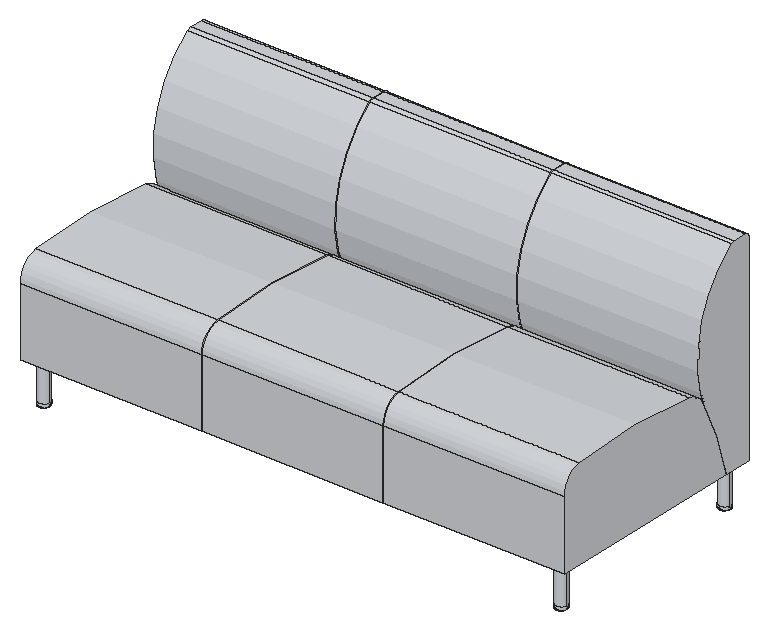
Revit family "Seat-LaZBoy-Assymble_Lounge_Seating-AS30N", category Furniture, Revit 2017
Family settings
  OmniClass Number = 23.40.20.00
  OmniClass Title = General Furniture and Specialties
  Work Plane-Based = No
  Always vertical = Yes
  Cut with Voids When Loaded = No
  Shared = No
  Room Calculation Point = No
Parameters (values of type "Sofa")
  Width = 72.75"  # constant formula
  URL = "https://www.la-z-boy.com/"
  Seat Material [instance] = none
  Product Documentation Link = "URL"
  Model = "AS30N"
  Manufacturer = "LaZBoy"
  Height = 32.75"  # constant formula
  Description = "Armless Sofa"
  Depth = 30.75"  # constant formula
  Copyright © = "Inc"
  Back Material [instance] = none
  Assembly Code = "E2020200"
Reference planes (in)
  plane 1 "Center (Front/Back)": y = 0
  plane 2: z = 0
  plane 3 "Center (Left/Right)": x = 0
  plane 4: y = -15.375
  plane 5: z = 32.75
  plane 6: y = 15.375
  plane 7: x = -36.375
  plane 8: x = 36.375
  plane 9: z = 5.39888
  plane 10: x = -12.125
  plane 11: x = 12.125
  plane 12 "glide 1": y = -13.65571
  plane 13 "glide 2": y = 13.65571
Forms (in)
  Extrusion 1, solid, material <- "Back Material"
    sketch origin (0, 0, 0) x (0, 1, 0) y (0, 0, 1)
      loop
        line (15.375, 5.39888) -> (15.375, 32.4)
        arc (15.375, 32.4) -> (15.27249, 32.64749) -> (15.025, 32.75) r 0.35
        line (15.025, 32.75) -> (13.18257, 32.75)
        arc (13.18257, 32.75) -> (12.88654, 32.70048) -> (12.62275, 32.55731) r 0.90955
        arc (12.62275, 32.55731) -> (7.27087, 24.12175) -> (8.46181, 14.20293) r 14.8761
        arc (8.46181, 14.20293) -> (10.29749, 9.8942) -> (11.61161, 5.39888) r 39.59734
        line (11.61161, 5.39888) -> (15.375, 5.39888)
    from -36.375 to -12.125
  Extrusion 2, solid, material <- "Seat Material"
    sketch origin (0, 0, 0) x (0, 1, 0) y (0, 0, 1)
      loop
        line (-15.375, 5.39888) -> (11.61161, 5.39888)
        arc (11.61161, 5.39888) -> (9.9596, 10.8034) -> (7.55503, 15.9177) r 39.59734
        arc (7.55503, 15.9177) -> (6.71811, 16.83642) -> (5.56221, 17.29288) r 2.75
        arc (5.56221, 17.29288) -> (-3.58084, 18.03171) -> (-12.7401, 17.53243) r 67.9538
        arc (-12.7401, 17.53243) -> (-14.6217, 16.54278) -> (-15.375, 14.55473) r 3
        line (-15.375, 14.55473) -> (-15.375, 5.39888)
    from -36.375 to -12.125
  Extrusion 3, solid
    sketch origin (0, 0, 0) x (1, 0, 0) y (0, 1, 0)
      loop
        circle (-34.58813, 13.65571) r 0.75
      loop
        circle (34.58813, 13.65571) r 0.75
      loop
        circle (-34.58813, -13.65571) r 0.75
      loop
        circle (34.58813, -13.65571) r 0.75
    from 0 to 5.39888
  Extrusion 4, solid, material <- "Seat Material"
    sketch origin (0, 0, 0) x (0, 1, 0) y (0, 0, -1)
      loop
        line (-15.375, -5.39888) -> (-15.375, -14.55473)
        arc (-15.375, -14.55473) -> (-14.6217, -16.54278) -> (-12.7401, -17.53243) r 3
        arc (-12.7401, -17.53243) -> (-3.58084, -18.03171) -> (5.56221, -17.29288) r 67.9538
        arc (5.56221, -17.29288) -> (6.71811, -16.83642) -> (7.55503, -15.9177) r 2.75
        arc (7.55503, -15.9177) -> (9.9596, -10.8034) -> (11.61161, -5.39888) r 39.59734
        line (11.61161, -5.39888) -> (-15.375, -5.39888)
    from -36.375 to -12.125
  Extrusion 5, solid, material <- "Back Material"
    sketch origin (0, 0, 0) x (0, 1, 0) y (0, 0, -1)
      loop
        line (15.375, -5.39888) -> (11.61161, -5.39888)
        arc (11.61161, -5.39888) -> (10.29749, -9.8942) -> (8.46181, -14.20293) r 39.59734
        arc (8.46181, -14.20293) -> (7.27087, -24.12175) -> (12.62275, -32.55731) r 14.8761
        arc (12.62275, -32.55731) -> (12.88654, -32.70048) -> (13.18257, -32.75) r 0.90955
        line (13.18257, -32.75) -> (15.025, -32.75)
        arc (15.025, -32.75) -> (15.27249, -32.64749) -> (15.375, -32.4) r 0.35
        line (15.375, -32.4) -> (15.375, -5.39888)
    from -36.375 to -12.125
  Extrusion 6, solid, material <- "Back Material"
    sketch origin (-24.25, 0, 0) x (0, 1, 0) y (0, 0, -1)
      loop
        line (15.375, -5.39888) -> (11.61161, -5.39888)
        arc (11.61161, -5.39888) -> (10.29749, -9.8942) -> (8.46181, -14.20293) r 39.59734
        arc (8.46181, -14.20293) -> (7.27087, -24.12175) -> (12.62275, -32.55731) r 14.8761
        arc (12.62275, -32.55731) -> (12.88654, -32.70048) -> (13.18257, -32.75) r 0.90955
        line (13.18257, -32.75) -> (15.025, -32.75)
        arc (15.025, -32.75) -> (15.27249, -32.64749) -> (15.375, -32.4) r 0.35
        line (15.375, -32.4) -> (15.375, -5.39888)
    from -36.375 to -12.125
  Extrusion 7, solid, material <- "Seat Material"
    sketch origin (-24.25, 0, 0) x (0, 1, 0) y (0, 0, -1)
      loop
        line (-15.375, -5.39888) -> (-15.375, -14.55473)
        arc (-15.375, -14.55473) -> (-14.6217, -16.54278) -> (-12.7401, -17.53243) r 3
        arc (-12.7401, -17.53243) -> (-3.58084, -18.03171) -> (5.56221, -17.29288) r 67.9538
        arc (5.56221, -17.29288) -> (6.71811, -16.83642) -> (7.55503, -15.9177) r 2.75
        arc (7.55503, -15.9177) -> (9.9596, -10.8034) -> (11.61161, -5.39888) r 39.59734
        line (11.61161, -5.39888) -> (-15.375, -5.39888)
    from -36.375 to -12.125
  Revolve 8, solid
    sketch origin (-12.21875, -13.65571, 0) x (1, 0, 0) y (0, 0, 1)
      loop
        line (-22.36938, 0) -> (-21.63039, 0)
        arc (-21.63039, 0) -> (-21.59459, 0.01483) -> (-21.57976, 0.05064) r 0.05064
        line (-21.57976, 0.05064) -> (-21.57976, 0.40859) -> (-22.36938, 0.40859) -> (-22.36938, 0)
      axis (-22.36938, 0.40859) -> (-22.36938, 0)
    angle from 0 to 360
  Revolve 9, solid
    sketch origin (12.21875, -13.65571, 0) x (-1, 0, 0) y (0, 0, 1)
      loop
        line (-22.36938, 0) -> (-21.63039, 0)
        arc (-21.63039, 0) -> (-21.59459, 0.01483) -> (-21.57976, 0.05064) r 0.05064
        line (-21.57976, 0.05064) -> (-21.57976, 0.40859) -> (-22.36938, 0.40859) -> (-22.36938, 0)
      axis (-22.36938, 0.40859) -> (-22.36938, 0)
    angle from 0 to 360
  Revolve 10, solid
    sketch origin (0, 13.65571, 0) x (1, 0, 0) y (0, 0, 1)
      loop
        line (-34.58813, 0) -> (-33.84914, 0)
        arc (-33.84914, 0) -> (-33.81334, 0.01483) -> (-33.79851, 0.05064) r 0.05064
        line (-33.79851, 0.05064) -> (-33.79851, 0.40859) -> (-34.58813, 0.40859) -> (-34.58813, 0)
      axis (-34.58813, 0.40859) -> (-34.58813, 0)
    angle from 0 to 360
  Revolve 11, solid
    sketch origin (0, 13.65571, 0) x (1, 0, 0) y (0, 0, 1)
      loop
        line (34.58813, 0) -> (34.58813, 0.40859) -> (33.79851, 0.40859) -> (33.79851, 0.05064)
        arc (33.79851, 0.05064) -> (33.81334, 0.01483) -> (33.84914, 0) r 0.05064
        line (33.84914, 0) -> (34.58813, 0)
      axis (34.58813, 0.40859) -> (34.58813, 0)
    angle from 0 to 360
Lines and regions (in)
  Masking region 1
    outline origin (0, 0, 0) x (1, 0, 0) y (0, 1, 0)
      loop
        line (-36.375, 15.375) -> (-36.375, -15.375) -> (36.375, -15.375) -> (36.375, 15.375) -> (-36.375, 15.375)
  symbolic lines, detail levels fine
    curve 1: line (36.375, 12.86161, 0) -> (-36.375, 12.86161, 0)
  symbolic lines, detail levels medium+fine
    curve 2: line (-36.375, 6.90274, 0) -> (36.375, 6.90274, 0)
  symbolic lines
    curve 3: line (-12.125, 15.375, 0) -> (-12.125, -15.375, 0)
    curve 4: line (12.125, 15.375, 0) -> (12.125, -15.375, 0)
Dimensions and locks (in)
  equal spacing: plane 6, plane 1 "Center (Front/Back)", plane 4
  equal spacing: plane 7, plane 3 "Center (Left/Right)", plane 8
  "Width": plane 7 to plane 8
  "Depth": plane 4 to plane 6
  "Height": plane 5 to plane 2
  locked: plane 6 to Extrusion 3 sketch curve at 1.71929  (x2)
  locked: plane 7 to Extrusion 3 sketch curve at 1.78687  (x2)
  locked: plane 4 to Extrusion 3 sketch curve at 1.71929  (x2)
  locked: Extrusion 3 sketch curve to plane 8 at 1.78687
  locked: plane 9 to plane 2 at 5.39888
  equal spacing: plane 7, plane 10, plane 11, plane 8
  locked: plane 4 to plane 12 "glide 1" at 1.71929
  locked: plane 6 to plane 13 "glide 2" at 1.71929
  aligned and locked: level to plane 2
  aligned and locked: plane 3 "Center (Left/Right)" to nested 1
  aligned and locked: plane 1 "Center (Front/Back)" to nested 1
  aligned and locked: Extrusion 2 to plane 7
  aligned and locked: plane 6 to Extrusion 1 sketch curve
  aligned and locked: Extrusion 3 to plane 9
  aligned and locked: Masking region 1 sketch curve to plane 8
  aligned and locked: Masking region 1 sketch curve to plane 7
  aligned and locked: Masking region 1 sketch curve to plane 6
  aligned and locked: Masking region 1 sketch curve to plane 4
  aligned and locked: Extrusion 1 to plane 7
  aligned and locked: plane 8 to Extrusion 5
  aligned and locked: Extrusion 4 to plane 8
  aligned and locked: Extrusion 6 to plane 10
  aligned and locked: plane 10 to Extrusion 1
  aligned and locked: Extrusion 2 to plane 10
  aligned and locked: Extrusion 6 to Extrusion 7
  aligned and locked: Extrusion 4 to plane 11
  aligned and locked: plane 11 to Extrusion 7
  aligned and locked: Extrusion 5 to plane 11
  aligned and locked: plane 11 to Extrusion 6
  aligned and locked: plane 6 to curve 4
  aligned and locked: plane 4 to curve 4
  aligned and locked: curve 4 to plane 11
Automatic sketch dimensions
  curve 1 to plane 7 = 0.00"
  curve 2 to plane 7 = 0.00"
  curve 3 to plane 6 = 0.00"
  curve 3 to plane 10 = 0.00"
  curve 2 to plane 8 = 0.00"
  curve 1 to plane 8 = 0.00"
  plane 4 to curve 3 = 0.00"
  plane 13 "glide 2" to curve 2 = 6.75298"
  plane 13 "glide 2" to curve 1 = 0.7941"
  Extrusion 1 sketch curve to plane 9 = 0.00"
  Extrusion 1 sketch curve to plane 5 = 0.00"
  Extrusion 1 sketch curve to plane 5 = 0.35"
  plane 13 "glide 2" to Extrusion 1 sketch curve = 0.47314"
  plane 13 "glide 2" to Extrusion 1 sketch curve = 2.0441"
  Extrusion 1 sketch curve to level = 3.44449"
  plane 4 to Extrusion 1 sketch curve = 11.61059"
  plane 6 to Extrusion 1 sketch curve = 6.40384"
  Extrusion 1 sketch curve to plane 5 = 11.91722"
  Extrusion 1 sketch curve to plane 5 = 0.90955"
  Extrusion 1 sketch curve to Extrusion 1 sketch curve = 0.00"
  Extrusion 2 sketch curve to plane 4 = 0.00"
  Extrusion 2 sketch curve to plane 9 = 0.00"
  Extrusion 2 sketch curve to level = 3.44449"
  plane 4 to Extrusion 2 sketch curve = 11.61059"
  Extrusion 2 sketch curve to plane 12 "glide 1" = 1.28071"
  plane 1 "Center (Front/Back)" to Extrusion 2 sketch curve = 4.47018"
  Extrusion 2 sketch curve to plane 1 "Center (Front/Back)" = 5.15622"
  plane 13 "glide 2" to Extrusion 2 sketch curve = 2.0441"
  Extrusion 2 sketch curve to level = 49.91627"
  Extrusion 2 sketch curve to Extrusion 2 sketch curve = 9.15585"
  plane 9 to Extrusion 2 sketch curve = 9.17414"
  Extrusion 2 sketch curve to Extrusion 2 sketch curve = 0.00"  (x2)
  Extrusion 3 sketch curve to plane 8 = 1.78687"
  Extrusion 4 sketch curve to plane 4 = 0.00"
  Extrusion 4 sketch curve to plane 9 = 0.00"
  Extrusion 4 sketch curve to level = 3.44449"
  plane 4 to Extrusion 4 sketch curve = 11.61059"
  Extrusion 4 sketch curve to plane 12 "glide 1" = 1.28071"
  plane 1 "Center (Front/Back)" to Extrusion 4 sketch curve = 4.47018"
  Extrusion 4 sketch curve to plane 1 "Center (Front/Back)" = 5.15622"
  plane 13 "glide 2" to Extrusion 4 sketch curve = 2.0441"
  Extrusion 4 sketch curve to Extrusion 4 sketch curve = 9.15585"
  plane 9 to Extrusion 4 sketch curve = 9.17414"
  Extrusion 4 sketch curve to level = 49.91627"
  Extrusion 4 sketch curve to Extrusion 4 sketch curve = 0.00"  (x2)
  Extrusion 5 sketch curve to plane 9 = 0.00"
  Extrusion 5 sketch curve to plane 5 = 0.00"
  Extrusion 5 sketch curve to plane 6 = 0.00"
  Extrusion 5 sketch curve to plane 5 = 0.35"
  plane 13 "glide 2" to Extrusion 5 sketch curve = 0.47314"
  plane 13 "glide 2" to Extrusion 5 sketch curve = 2.0441"
  Extrusion 5 sketch curve to level = 3.44449"
  plane 4 to Extrusion 5 sketch curve = 11.61059"
  plane 6 to Extrusion 5 sketch curve = 6.40384"
  Extrusion 5 sketch curve to plane 5 = 0.90955"
  Extrusion 5 sketch curve to plane 5 = 11.91722"
  Extrusion 5 sketch curve to Extrusion 5 sketch curve = 0.00"
  Extrusion 6 sketch curve to plane 9 = 0.00"
  Extrusion 6 sketch curve to plane 5 = 0.00"
  Extrusion 6 sketch curve to plane 6 = 0.00"
  Extrusion 6 sketch curve to plane 5 = 0.35"
  plane 13 "glide 2" to Extrusion 6 sketch curve = 0.47314"
  plane 13 "glide 2" to Extrusion 6 sketch curve = 2.0441"
  Extrusion 6 sketch curve to level = 3.44449"
  plane 4 to Extrusion 6 sketch curve = 11.61059"
  plane 6 to Extrusion 6 sketch curve = 6.40384"
  Extrusion 6 sketch curve to plane 5 = 0.90955"
  Extrusion 6 sketch curve to plane 5 = 11.91722"
  Extrusion 6 sketch curve to Extrusion 6 sketch curve = 0.00"
  Extrusion 7 sketch curve to plane 4 = 0.00"
  Extrusion 7 sketch curve to plane 9 = 0.00"
  Extrusion 7 sketch curve to level = 3.44449"
  plane 4 to Extrusion 7 sketch curve = 11.61059"
  Extrusion 7 sketch curve to plane 12 "glide 1" = 1.28071"
  plane 1 "Center (Front/Back)" to Extrusion 7 sketch curve = 4.47018"
  Extrusion 7 sketch curve to plane 1 "Center (Front/Back)" = 5.15622"
  plane 13 "glide 2" to Extrusion 7 sketch curve = 2.0441"
  plane 9 to Extrusion 7 sketch curve = 9.15585"
  plane 9 to Extrusion 7 sketch curve = 9.17414"
  Extrusion 7 sketch curve to level = 49.91627"
  Extrusion 7 sketch curve to Extrusion 7 sketch curve = 0.00"  (x2)
  Revolve 8 sketch curve to level = 0.00"
  plane 7 to Revolve 8 sketch curve = 1.78687"
  Revolve 8 sketch curve to Revolve 8 sketch curve = 0.73899"
  level to Revolve 8 sketch curve = 0.05064"
  Revolve 8 sketch curve to Revolve 8 sketch curve = 0.35795"
  Revolve 8 sketch curve to Revolve 8 sketch curve = 0.00"
  Revolve 8 sketch curve to level = 0.50"
  Revolve 8 sketch curve to Revolve 8 sketch curve = 1.34141"
  Revolve 9 sketch curve to level = 0.00"
  plane 8 to Revolve 9 sketch curve = 1.78687"
  Revolve 9 sketch curve to Revolve 9 sketch curve = 0.73899"
  Revolve 9 sketch curve to level = 0.05064"
  Revolve 9 sketch curve to Revolve 9 sketch curve = 0.35795"
  Revolve 9 sketch curve to Revolve 9 sketch curve = 0.00"
  level to Revolve 9 sketch curve = 0.50"
  Revolve 9 sketch curve to Revolve 9 sketch curve = 1.34141"
  Revolve 10 sketch curve to level = 0.00"
  plane 7 to Revolve 10 sketch curve = 1.78687"
  Revolve 10 sketch curve to Revolve 10 sketch curve = 0.73899"
  level to Revolve 10 sketch curve = 0.05064"
  Revolve 10 sketch curve to Revolve 10 sketch curve = 0.35795"
  Revolve 10 sketch curve to Revolve 10 sketch curve = 0.00"
  Revolve 10 sketch curve to level = 0.50"
  Revolve 10 sketch curve to Revolve 10 sketch curve = 1.34141"
  Revolve 11 sketch curve to level = 0.00"
  level to Revolve 11 sketch curve = 0.40859"
  Revolve 11 sketch curve to plane 8 = 2.57649"
  level to Revolve 11 sketch curve = 0.05064"
  Revolve 11 sketch curve to Revolve 11 sketch curve = 0.73899"
  Revolve 11 sketch curve to Revolve 11 sketch curve = 0.00"
  Revolve 11 sketch curve to Revolve 11 sketch curve = 0.50"
  Revolve 11 sketch curve to Revolve 11 sketch curve = 1.34141"
  radius of Extrusion 3 sketch curve = 0.75"  (x4)
Nested families (in)
  nested 1: "Label 1-16" at (0, 0, 0), type "Center", detail levels fine
    with Offset (LR) 0.00"
Definition of nested family "Label 1-16"
  Parameters (values of type "Center")
    P_Width = 0.00"
    Text_Width = "Empty"
    Text_Height = "Empty"
    Text_Diameter = "Empty"
    Text_Depth = "Empty"
    Offset (LR) [instance] = 0.00"
    Model Name = "6961"
    P_Height = 0.00"
    Distance of Center (not Change) = 0.00"
    P_Diameter = 0.00"
    P_Depth = 0.00"
  Reference planes (in)
    plane 1: y = 0
    plane 2: x = 0
  Lines and regions (in)
    reference lines
      curve 1: line (-0.44359, 0, 0) -> (0.41085, 0, 0)
      curve 3: line (0, 0.32564, 0) -> (0, -0.40221, 0)
    reference lines, not visible
      curve 2: line (-0.44359, 0.09843, 0) -> (0.41085, 0.09843, 0)
      curve 4: line (0, 0.42407, 0) -> (0, -0.30379, 0)
  Text (in)
    label "Empty" at (0.00197, -0.0079, 0), shows "Model Name"
    label "Empty" at (0.00197, 0.09052, 0), shows "Model Name", not visible
  Dimensions and locks (in)
    "Distance of Center (not Change)": plane 1 to curve 1
    "Offset (LR)": curve 3 to plane 2
  Automatic sketch dimensions
    curve 1 to curve 3 = 0.44359"
    curve 3 to curve 1 = 0.41085"
    curve 3 to curve 1 = 0.40221"
    curve 1 to curve 3 = 0.32564"
    curve 2 to curve 4 = 0.44359"
    curve 4 to curve 2 = 0.41085"
    curve 4 to curve 2 = 0.40221"
    curve 2 to curve 4 = 0.32564"
